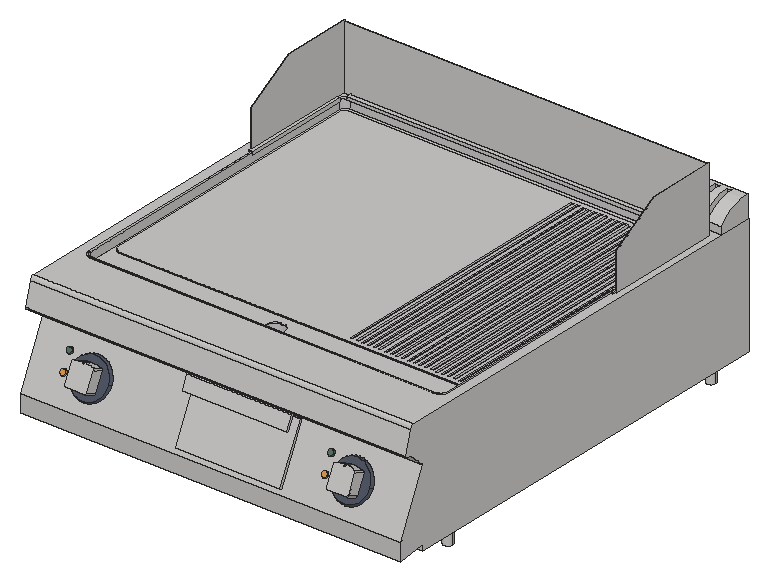
Revit family "QF_ZANUSSI_392074_Z9FTEHCP00", category Specialty Equipment, Revit 2018 (continued)
Automatic sketch dimensions
  plane 1 "BACK" to curve 65 = 6.761 mm
  curve 61 to curve 65 = 16.193 mm
  curve 65 to curve 67 = 9.296 mm
  plane 1 "BACK" to curve 93 = 6.761 mm
  curve 66 to curve 93 = 16.143 mm
  curve 90 to curve 92 = 9.296 mm
  plane 1 "BACK" to curve 89 = 6.761 mm
  curve 92 to curve 89 = 16.193 mm
  curve 86 to curve 88 = 9.296 mm
  curve 87 to curve 82 = 16.193 mm
  curve 82 to curve 84 = 9.296 mm
  plane 1 "BACK" to curve 78 = 6.761 mm
  curve 84 to curve 78 = 16.193 mm
  curve 78 to curve 80 = 9.296 mm
  curve 5 to plane 7 "Center Y" = 75 mm
  curve 79 to curve 76 = 16.193 mm
  curve 75 to curve 75 = 9.296 mm
  plane 1 "BACK" to curve 73 = 6.761 mm
  curve 74 to curve 73 = 16.193 mm
  curve 70 to curve 72 = 9.296 mm
  plane 7 "Center Y" to curve 132 = 29.703 mm
  curve 132 to curve 132 = 9.296 mm
  plane 1 "BACK" to curve 135 = 6.761 mm
  curve 131 to curve 135 = 16.193 mm
  curve 135 to curve 137 = 9.296 mm
  plane 1 "BACK" to curve 142 = 6.761 mm
  curve 136 to curve 142 = 16.193 mm
  curve 140 to curve 140 = 9.296 mm
  plane 1 "BACK" to curve 145 = 6.761 mm
  curve 139 to curve 145 = 16.193 mm
  curve 145 to curve 146 = 9.296 mm
  plane 1 "BACK" to curve 149 = 6.761 mm
  curve 143 to curve 149 = 16.193 mm
  curve 149 to curve 150 = 9.296 mm
  plane 7 "Center Y" to curve 6 = 145 mm
  plane 1 "BACK" to curve 154 = 6.761 mm
  curve 147 to curve 154 = 16.193 mm
  curve 153 to curve 151 = 9.296 mm
  plane 1 "BACK" to curve 129 = 6.761 mm
  curve 151 to curve 129 = 16.143 mm
  curve 129 to curve 130 = 9.296 mm
  curve 127 to curve 124 = 16.193 mm
  curve 123 to curve 125 = 9.296 mm
  curve 124 to curve 119 = 16.193 mm
  curve 119 to curve 121 = 9.296 mm
  plane 5 "FRONT" to curve 183 = 9.347 mm
  curve 194 to curve 183 = 107 mm
  curve 183 to curve 184 = 0.809 mm
  curve 187 to curve 187 = 1.583 mm
  curve 184 to curve 185 = 1.846 mm
  curve 184 to curve 189 = 2.189 mm
  curve 120 to curve 115 = 16.193 mm
  curve 183 to curve 186 = 11.892 mm
  curve 115 to curve 116 = 9.296 mm
  curve 181 to plane 5 "FRONT" = 9.329 mm
  curve 187 to curve 181 = 20.417 mm
  curve 185 to curve 188 = 19.134 mm
  curve 188 to curve 179 = 1.738 mm
  curve 181 to curve 181 = 2 mm
  curve 116 to curve 112 = 16.193 mm
  curve 186 to curve 177 = 22.215 mm
  curve 111 to curve 113 = 9.296 mm
  curve 180 to curve 189 = 19.003 mm
  curve 176 to curve 176 = 0.343 mm
  curve 176 to curve 178 = 1.071 mm
  curve 176 to curve 175 = 2.189 mm
  curve 175 to curve 174 = 0.809 mm
  curve 112 to curve 107 = 16.193 mm
  curve 107 to curve 109 = 9.296 mm
  curve 108 to curve 106 = 16.193 mm
  curve 105 to curve 103 = 9.296 mm
  plane 14 to curve 97 = 31.03 mm
  plane 14 to curve 17 = 31.03 mm
  curve 103 to curve 100 = 16.193 mm
  curve 21 to curve 96 = 5 mm
  plane 14 to curve 10 = 26.03 mm
  curve 14 to curve 29 = 5 mm
  curve 14 to curve 23 = 5 mm
  curve 99 to curve 100 = 9.296 mm
  curve 14 to curve 31 = 11.516 mm
  plane 14 to curve 15 = 11.03 mm
  plane 14 to curve 27 = 4.442 mm
  curve 1 to plane 4 "RIGHT" = 100 mm
  plane 9 to curve 172 = 32.481 mm
  curve 163 to curve 172 = 0 mm
  plane 9 to curve 188 = 32.481 mm
  curve 188 to curve 179 = 0 mm
  curve 173 to curve 159 = 1.333 mm
  plane 5 "FRONT" to curve 189 = 10.68 mm
  curve 176 to curve 174 = 1.333 mm
  curve 173 to curve 167 = 1.333 mm
  curve 159 to curve 160 = 2.779 mm
  curve 175 to curve 176 = 2.779 mm
  curve 168 to curve 169 = 2.779 mm
  curve 184 to curve 185 = 2.779 mm
  curve 178 to plane 5 "FRONT" = 7.894 mm
  curve 171 to plane 5 "FRONT" = 7.894 mm
  curve 187 to plane 5 "FRONT" = 7.894 mm
  curve 162 to plane 5 "FRONT" = 7.894 mm
  curve 181 to curve 186 = 41.91 mm
  curve 164 to curve 161 = 41.91 mm
  curve 161 to curve 170 = 0 mm
  curve 186 to curve 177 = 0 mm
  curve 177 to curve 10 = 86.222 mm
  curve 95 to plane 5 "FRONT" = 171.264 mm
  curve 11 to curve 17 = 55 mm
  plane 8 "Center X" to curve 27 = 129.61 mm
  plane 8 "Center X" to curve 33 = 129.61 mm
  plane 1 "BACK" to curve 22 = 115.406 mm
  curve 14 to curve 21 = 2.133 mm
  curve 13 to curve 20 = 2.133 mm
  curve 14 to curve 34 = 1.998 mm
  curve 13 to curve 36 = 1.998 mm
  curve 32 to curve 30 = 9.827 mm
  curve 28 to curve 27 = 12.325 mm
  curve 130 to curve 127 = 57.15 mm
  curve 28 to curve 101 = 19.479 mm
  curve 131 to curve 135 = 57.15 mm
  plane 1 "BACK" to curve 117 = 63.911 mm
  curve 131 to curve 135 = 0 mm
  curve 103 to curve 99 = 0 mm
  curve 108 to curve 105 = 0 mm
  curve 127 to curve 125 = 0 mm
  curve 137 to curve 139 = 0 mm
  curve 139 to curve 144 = 0 mm
  curve 82 to curve 88 = 57.15 mm
  curve 120 to curve 115 = 0 mm
  curve 143 to curve 147 = 0 mm
  curve 151 to curve 129 = 0 mm
  curve 92 to curve 82 = 0 mm
  curve 83 to curve 80 = 0 mm
  curve 79 to curve 77 = 0 mm
  curve 116 to curve 111 = 0 mm
  curve 88 to curve 82 = 0 mm
  curve 74 to curve 72 = 0 mm
  curve 68 to curve 90 = 0 mm
  curve 30 to curve 37 = 19.479 mm
  curve 37 to curve 41 = 0 mm
  curve 63 to curve 65 = 0 mm
  curve 43 to curve 45 = 0 mm
  curve 59 to curve 62 = 0 mm
  curve 45 to curve 49 = 0 mm
  curve 49 to curve 55 = 0 mm
  plane 1 "BACK" to curve 51 = 6.761 mm
  plane 1 "BACK" to curve 53 = 6.761 mm
  plane 1 "BACK" to curve 57 = 6.761 mm
  plane 1 "BACK" to curve 61 = 6.761 mm
  plane 1 "BACK" to curve 74 = 6.761 mm
  plane 1 "BACK" to curve 134 = 6.761 mm
  plane 1 "BACK" to curve 126 = 6.761 mm
  plane 1 "BACK" to curve 122 = 6.761 mm
  plane 1 "BACK" to curve 118 = 6.761 mm
  plane 1 "BACK" to curve 114 = 6.761 mm
  plane 1 "BACK" to curve 110 = 6.761 mm
  plane 1 "BACK" to curve 105 = 6.761 mm
  plane 1 "BACK" to curve 102 = 6.761 mm
  plane 1 "BACK" to curve 82 = 6.761 mm
  curve 2 to plane 1 "BACK" = 100 mm
  curve 13 to curve 32 = 3.351 mm
  curve 161 to curve 158 = 9.809 mm
  curve 163 to curve 162 = 0.284 mm
  curve 171 to curve 172 = 0.284 mm
  curve 167 to curve 170 = 9.809 mm
  curve 95 to plane 7 "Center Y" = 20 mm
  curve 148 to curve 197 = 0.714 mm
  curve 197 to curve 198 = 6 mm
  curve 198 to curve 199 = 6 mm
  curve 199 to curve 200 = 6 mm
  curve 200 to curve 201 = 6 mm
  curve 201 to curve 202 = 6 mm
  curve 202 to curve 203 = 6 mm
  curve 203 to curve 204 = 6 mm
  curve 204 to curve 205 = 6 mm
  curve 205 to curve 206 = 6 mm
  curve 206 to curve 207 = 6 mm
  curve 207 to curve 208 = 6 mm
  curve 208 to curve 209 = 6 mm
  curve 209 to curve 210 = 6 mm
  curve 210 to curve 211 = 6 mm
  curve 211 to curve 212 = 6 mm
  curve 212 to curve 213 = 6 mm
  curve 213 to curve 214 = 6 mm
  curve 214 to curve 215 = 6 mm
  curve 186 to curve 183 = 9.809 mm
  curve 215 to curve 216 = 6 mm
  curve 216 to curve 217 = 6 mm
  curve 188 to curve 187 = 0.284 mm
  curve 217 to curve 218 = 6 mm
  curve 218 to curve 219 = 6 mm
  curve 219 to curve 220 = 6 mm
  curve 220 to curve 221 = 6 mm
  curve 221 to curve 222 = 6 mm
  curve 222 to curve 223 = 6 mm
  curve 223 to curve 224 = 6 mm
  curve 178 to curve 178 = 0.284 mm
  curve 224 to curve 225 = 6 mm
  curve 225 to curve 226 = 6 mm
  curve 174 to curve 177 = 9.809 mm
  curve 226 to curve 227 = 6 mm
  curve 227 to curve 228 = 6 mm
  curve 228 to curve 229 = 6 mm
  curve 229 to curve 230 = 6 mm
  curve 230 to curve 231 = 6 mm
  curve 231 to curve 232 = 6 mm
  curve 232 to curve 233 = 6 mm
  curve 234 to curve 22 = 3.6 mm
  curve 22 to curve 235 = 2.4 mm
  curve 236 to curve 23 = 1.6 mm
  curve 31 to curve 96 = 3.351 mm
  curve 162 to curve 162 = 0.567 mm
  curve 171 to curve 171 = 0.567 mm
  curve 187 to curve 187 = 0.567 mm
  curve 178 to curve 178 = 0.567 mm
  curve 178 to curve 177 = 1.156 mm
  curve 24 to curve 214 = 1.133 mm
  curve 214 to curve 220 = 0 mm
  curve 220 to curve 221 = 0 mm
  curve 221 to curve 222 = 0 mm  (x2)
  curve 222 to curve 223 = 0 mm  (x2)
  curve 223 to curve 224 = 0 mm  (x2)
  curve 224 to curve 225 = 0 mm  (x2)
  curve 213 to curve 214 = 0 mm  (x2)
  curve 212 to curve 213 = 0 mm  (x2)
  curve 225 to curve 226 = 0 mm  (x2)
  curve 226 to curve 227 = 0 mm  (x2)
  curve 211 to curve 212 = 0 mm  (x2)
  curve 210 to curve 211 = 0 mm  (x2)
  curve 214 to curve 216 = 0 mm
  curve 216 to curve 217 = 0 mm
  curve 217 to curve 218 = 0 mm  (x2)
  curve 219 to curve 220 = 0 mm  (x2)
  curve 209 to curve 210 = 0 mm  (x2)
  curve 208 to curve 209 = 0 mm  (x2)
  curve 227 to curve 228 = 0 mm  (x2)
  curve 207 to curve 208 = 0 mm  (x2)
  curve 206 to curve 207 = 0 mm  (x2)
  curve 205 to curve 206 = 0 mm  (x2)
  curve 228 to curve 229 = 0 mm  (x2)
  curve 229 to curve 230 = 0 mm  (x2)
  curve 230 to curve 231 = 0 mm
  curve 231 to curve 232 = 0 mm  (x2)
  curve 232 to curve 233 = 0 mm  (x2)
  curve 24 to curve 234 = 1.133 mm
  curve 24 to curve 235 = 1.133 mm
  curve 204 to curve 205 = 0 mm  (x2)
  curve 203 to curve 204 = 0 mm  (x2)
  curve 202 to curve 203 = 0 mm  (x2)
  curve 23 to curve 236 = 1.133 mm
  curve 201 to curve 202 = 0 mm  (x2)
  curve 200 to curve 201 = 0 mm  (x2)
  curve 199 to curve 200 = 0 mm  (x2)
  curve 198 to curve 199 = 0 mm  (x2)
  curve 197 to curve 198 = 0 mm  (x2)
  curve 215 to curve 216 = 0 mm  (x2)
  curve 235 to curve 22 = 1 mm
  curve 229 to curve 22 = 1 mm
  curve 236 to curve 23 = 1 mm
  curve 197 to curve 148 = 52.495 mm
  curve 233 to curve 22 = 1 mm
  curve 220 to curve 226 = 0 mm
  curve 234 to curve 22 = 1 mm
  curve 218 to curve 219 = 0 mm
  curve 214 to curve 215 = 0 mm
  curve 156 to curve 132 = 5.939 mm
  plane 5 "FRONT" to Extrusion 9 sketch curve = 0 mm  (x2)
  Extrusion 9 sketch curve to plane 3 "LEFT" = 0 mm
  Extrusion 9 sketch curve to plane 4 "RIGHT" = 0 mm
  plane 1 "BACK" to Extrusion 9 sketch curve = 0 mm
  Extrusion 9 sketch curve to plane 3 "LEFT" = 100 mm
  Extrusion 9 sketch curve to plane 4 "RIGHT" = 100 mm
  Extrusion 9 sketch curve to plane 1 "BACK" = 100 mm
  radius of Extrusion 2 sketch curve = 9.525 mm  (x4)
  radius of Extrusion 11 sketch curve = 20 mm
  radius of Blend 21 sketch curve = 42.5 mm
  radius of Blend 21 sketch curve = 40.5 mm
  radius of Split face 1 sketch curve = 1.5 mm
  radius of Split face 2 sketch curve = 1.5 mm
  radius of Split face 3 sketch curve = 1.5 mm
  radius of Split face 4 sketch curve = 1.5 mm
  radius of Split face 5 sketch curve = 1.5 mm
  radius of Split face 6 sketch curve = 1.5 mm
  radius of Split face 7 sketch curve = 1.5 mm
  radius of Split face 8 sketch curve = 1.5 mm
  radius of Split face 9 sketch curve = 1.5 mm
  radius of Extrusion 25 sketch curve = 6 mm
  radius of Extrusion 26 sketch curve = 6 mm
  radius of Blend 27 sketch curve = 42.5 mm
  radius of Blend 27 sketch curve = 40.5 mm
  radius of Split face 10 sketch curve = 1.5 mm
  radius of Split face 11 sketch curve = 1.5 mm
  radius of Split face 12 sketch curve = 1.5 mm
  radius of Split face 13 sketch curve = 1.5 mm
  radius of Split face 14 sketch curve = 1.5 mm
  radius of Split face 15 sketch curve = 1.5 mm
  radius of Split face 16 sketch curve = 1.5 mm
  radius of Split face 17 sketch curve = 1.5 mm
  radius of Split face 18 sketch curve = 1.5 mm
  radius of Extrusion 31 sketch curve = 6 mm
  radius of Extrusion 32 sketch curve = 6 mm
  radius of Extrusion 8 sketch curve = 6.35 mm
Connectors
  electrical at (740, -584, 19), driven by "Volts", driven by "Watts"
    settings: on Extrusion 8, index 1, voltage 400 V, apparent load 15000 VA, apparent load phase1 0 VA, apparent load phase2 0 VA, apparent load phase3 0 VA, power factor 1, load classification "Other", number of poles 1, system type 30, power factor state 1, is connector primary yes, connector utility no, sub classification motor no, connector description "ELECTRICAL CONNECTION"
